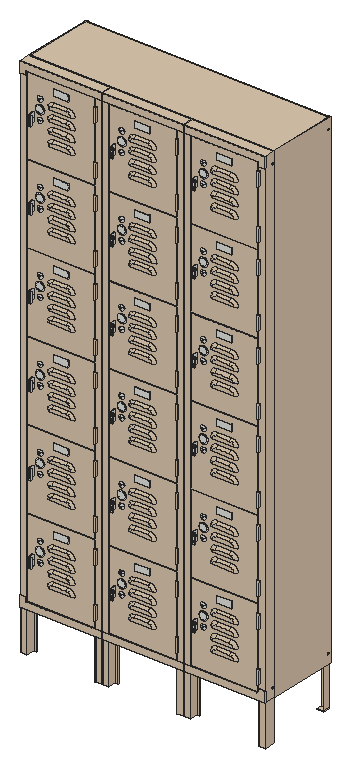
Revit family "Metal_Lockers-Salsbury_Industries-65000_66000_Series-3_Wide_Units", category Specialty Equipment, Revit 2022 (continued)
Nested families (in)
  nested 36: "Metal Locker Doors-12 inch with Latch Hasps" at (-0.01383, -5.555, 53.72076), type <- "Door Location D1", type "Six Tier Door - 6 foot"
  nested 37: "Metal Locker Doors-12 inch with Latch Hasps" at (-12.02717, -5.555, 53.72076), type <- "Door Location D1", type "Six Tier Door - 6 foot"
  nested 38: "Metal Locker Doors-12 inch with Latch Hasps" at (11.99976, -5.555, 65.37776), type <- "Door Location D1", visible <- "Top Row of Doors", type "Six Tier Door - 6 foot"
  nested 39: "Metal Locker Doors-12 inch with Latch Hasps" at (-0.01383, -5.555, 65.37776), type <- "Door Location D1", visible <- "Top Row of Doors", type "Six Tier Door - 6 foot"
  nested 40: "Metal Locker Doors-12 inch with Latch Hasps" at (-12.02717, -5.555, 65.37776), type <- "Door Location D1", visible <- "Top Row of Doors", type "Six Tier Door - 6 foot"
Definition of nested family "Metal Locker Legs - 3 Wide"
  Parameters (values of type "6" High - 45"W x 18"D")
    Width = 45.040"
    Visible = yes
    Version = "1.0 (11/30/15)"
    Type Comments = "Standard Metal Locker Legs"
    Primary Structure Material = none
    Model = "n/a"
    MasterFormat Title = ""
    MasterFormat Number = ""
    Manufacturer = "Salsbury Industries"
    Description = "45\"W x 6\" H x 18\"D"
    Depth = 18.010"
    Height = 6.000"
    Default Elevation = 0.000"
    Assembly Code = ""
  Types (6): name | Width | Visible | Type Comments | Description | Depth
    6" High - 36" W x 12" D | 36.040" | yes | "Standard Metal Locker Legs" | "36\"W x 6\" H x 12\"D" | 12.010"
    6" High - 36" W x 15" D | 36.040" | yes | "Standard Metal Locker Legs" | "36\"W x 6\" H x 15\"D" | 15.010"
    6" High - 36"W x 18"D | 36.040" | yes | "Standard Metal Locker Legs" | "36\"W x 6\" H x 18\"D" | 18.010"
    6" High - 45"W x 15"D | 45.040" | yes | "Standard Metal Locker Legs" | "45\"W x 6\" H x 15\"D" | 15.010"
    6" High - 45"W x 18"D | 45.040" | yes | "Standard Metal Locker Legs" | "45\"W x 6\" H x 18\"D" | 18.010"
    No Legs | 36.040" | no | "No Legs" | "" | 12.010"
  Reference planes (in)
    plane 1 "Center (Front/Back)": y = 0
    plane 2: z = 0
    plane 3 "Center (Left/Right)": x = 0
    plane 4 "Floor": z = 0
    plane 5 "Bottom of Unit": z = 6
    plane 6 "Left Side of Unit": x = -22.52
    plane 7 "Right Side of Unit": x = 22.52
    plane 8 "Back of Unit": y = 9.005
    plane 9 "Front of Unit": y = -9.005
    plane 10 "Right Side of Door Opening": x = 21.52
    plane 11 "Left Side of Door Opening": x = -21.52
    plane 12 "Top of back legs": z = 6.185
    plane 13 "Back Edge of Front Facing": y = -7.417
    plane 14 "Inside Edge of Front Leg": x = -21.08
    plane 15 "Inside Edge of Right Leg": x = 21.08
    plane 16: y = -7.82
    plane 17 "Back Edge of Rear Legs": y = 8.895
    plane 18 "Right Edge of Rear Right Leg": x = 22.4
    plane 19 "Left Edge or Rear Left Leg": x = -22.4
    plane 20: y = 7.895
    plane 21 "Inside Edge or Rear Right Leg": x = 21.4
    plane 22 "Inside Edge or Left Rear Leg": x = -21.4
    plane 23: x = 7.50667
    plane 24: x = -7.50667
  Forms (in)
    Extrusion 1, solid, material <- "Primary Structure Material", visible <- "Visible"
      sketch origin (0, 0, 0) x (0, -1, 0) y (1, 0, 0)
        loop
          line (7.417, 22.52) -> (7.417, 22.46) -> (8.945, 22.46) -> (8.945, 21.58) -> (7.76, 21.58) -> (7.76, 21.08) -> (7.82, 21.08) -> (7.82, 21.52) -> (9.005, 21.52) -> (9.005, 22.52) -> (7.417, 22.52)
      from 0 to 6
    Extrusion 2, solid, material <- "Primary Structure Material", visible <- "Visible"
      sketch origin (0, 0, 0) x (0, -1, 0) y (1, 0, 0)
        loop
          line (7.417, -22.52) -> (9.005, -22.52) -> (9.005, -21.52) -> (7.82, -21.52) -> (7.82, -21.08) -> (7.76, -21.08) -> (7.76, -21.58) -> (8.945, -21.58) -> (8.945, -22.46) -> (7.417, -22.46) -> (7.417, -22.52)
      from 0 to 6
    Extrusion 3, solid, material <- "Primary Structure Material", visible <- "Visible"
      sketch origin (0, 0, 0) x (0, -1, 0) y (1, 0, 0)
        loop
          line (-8.895, 22.4) -> (-8.895, 21.4) -> (-8.835, 21.4) -> (-8.835, 22.34) -> (-7.895, 22.34) -> (-7.895, 22.4) -> (-8.895, 22.4)
      from 0.06 to 6.185
    Extrusion 4, solid, material <- "Primary Structure Material", visible <- "Visible"
      sketch origin (0, 0, 0) x (0, -1, 0) y (1, 0, 0)
        loop
          line (-8.895, 22.4) -> (-8.895, 21.4) -> (-7.895, 21.4) -> (-7.895, 22.4) -> (-8.895, 22.4)
      from 0 to 0.06
    Extrusion 5, solid, material <- "Primary Structure Material", visible <- "Visible"
      sketch origin (0, 0, 0) x (0, -1, 0) y (1, 0, 0)
        loop
          line (-8.895, -22.4) -> (-7.895, -22.4) -> (-7.895, -22.34) -> (-8.835, -22.34) -> (-8.835, -21.4) -> (-8.895, -21.4) -> (-8.895, -22.4)
      from 0.06 to 6.185
    Extrusion 6, solid, material <- "Primary Structure Material", visible <- "Visible"
      sketch origin (0, 0, 0) x (0, -1, 0) y (1, 0, 0)
        loop
          line (-8.895, -22.4) -> (-7.895, -22.4) -> (-7.895, -21.4) -> (-8.895, -21.4) -> (-8.895, -22.4)
      from 0 to 0.06
    Extrusion 7, solid, material <- "Primary Structure Material", visible <- "Visible"
      sketch origin (12, 0, 0) x (0, -1, 0) y (1, 0, 0)
        loop
          line (7.417, -19.50667) -> (9.005, -19.50667) -> (9.005, -18.50667) -> (7.82, -18.50667) -> (7.82, -18.06667) -> (7.76, -18.06667) -> (7.76, -18.56667) -> (8.945, -18.56667) -> (8.945, -19.44667) -> (7.417, -19.44667) -> (7.417, -19.50667)
      from 0 to 6
    Extrusion 8, solid, material <- "Primary Structure Material", visible <- "Visible"
      sketch origin (24.04, 0, 0) x (0, -1, 0) y (1, 0, 0)
        loop
          line (7.417, -16.53333) -> (9.005, -16.53333) -> (9.005, -15.53333) -> (7.82, -15.53333) -> (7.82, -15.09333) -> (7.76, -15.09333) -> (7.76, -15.59333) -> (8.945, -15.59333) -> (8.945, -16.47333) -> (7.417, -16.47333) -> (7.417, -16.53333)
      from 0 to 6
    Extrusion 9, solid, material <- "Primary Structure Material", visible <- "Visible"
      sketch origin (-12, 0, 0) x (0, -1, 0) y (1, 0, 0)
        loop
          line (7.417, 19.50667) -> (7.417, 19.44667) -> (8.945, 19.44667) -> (8.945, 18.56667) -> (7.76, 18.56667) -> (7.76, 18.06667) -> (7.82, 18.06667) -> (7.82, 18.50667) -> (9.005, 18.50667) -> (9.005, 19.50667) -> (7.417, 19.50667)
      from 0 to 6
    Extrusion 10, solid, material <- "Primary Structure Material", visible <- "Visible"
      sketch origin (-24.04, 0, 0) x (0, -1, 0) y (1, 0, 0)
        loop
          line (7.417, 16.53333) -> (7.417, 16.47333) -> (8.945, 16.47333) -> (8.945, 15.59333) -> (7.76, 15.59333) -> (7.76, 15.09333) -> (7.82, 15.09333) -> (7.82, 15.53333) -> (9.005, 15.53333) -> (9.005, 16.53333) -> (7.417, 16.53333)
      from 0 to 6
  Dimensions and locks (in)
    equal spacing: plane 6 "Left Side of Unit", plane 3 "Center (Left/Right)", plane 7 "Right Side of Unit"
    "Width": plane 6 "Left Side of Unit" to plane 7 "Right Side of Unit"
    "Height": plane 5 "Bottom of Unit" to plane 4 "Floor"
    equal spacing: plane 9 "Front of Unit", plane 1 "Center (Front/Back)", plane 8 "Back of Unit"
    "Depth": plane 9 "Front of Unit" to plane 8 "Back of Unit"
    plane 12 "Top of back legs" to plane 5 "Bottom of Unit" = 0.185"
    plane 6 "Left Side of Unit" to plane 11 "Left Side of Door Opening" = 1.000"
    plane 10 "Right Side of Door Opening" to plane 7 "Right Side of Unit" = 1.000"
    locked: plane 9 "Front of Unit" to plane 13 "Back Edge of Front Facing" at 1.588
    plane 11 "Left Side of Door Opening" to plane 14 "Inside Edge of Front Leg" = 0.440"
    plane 15 "Inside Edge of Right Leg" to plane 10 "Right Side of Door Opening" = 0.440"
    plane 9 "Front of Unit" to plane 16 = 1.185"
    plane 15 "Inside Edge of Right Leg" to plane 21 "Inside Edge or Rear Right Leg" to plane 10 "Right Side of Door Opening" to plane 18 "Right Edge of Rear Right Leg" to plane 7 "Right Side of Unit" = 0.320", 0.120", 0.880", 0.120"
    plane 6 "Left Side of Unit" to plane 19 "Left Edge or Rear Left Leg" to plane 11 "Left Side of Door Opening" to plane 22 "Inside Edge or Left Rear Leg" to plane 14 "Inside Edge of Front Leg" = 0.120", 0.880", 0.120", 0.320"
    plane 20 to plane 17 "Back Edge of Rear Legs" to plane 8 "Back of Unit" = 1.000", 0.110"
    equal spacing: plane 6 "Left Side of Unit", plane 24, plane 23, plane 7 "Right Side of Unit"
    aligned and locked: level to plane 2
    aligned and locked: Extrusion 3 to Extrusion 4
    aligned and locked: Extrusion 6 to Extrusion 5
    aligned and locked: Extrusion 3 to plane 18 "Right Edge of Rear Right Leg"
    aligned and locked: Extrusion 3 to plane 17 "Back Edge of Rear Legs"
    aligned and locked: Extrusion 5 to plane 19 "Left Edge or Rear Left Leg"
    aligned and locked: plane 17 "Back Edge of Rear Legs" to Extrusion 5
    aligned and locked: plane 5 "Bottom of Unit" to Extrusion 2
    aligned and locked: Extrusion 1 to plane 5 "Bottom of Unit"
    aligned and locked: Extrusion 3 to plane 12 "Top of back legs"
    aligned and locked: plane 12 "Top of back legs" to Extrusion 5
  Automatic sketch dimensions
    plane 13 "Back Edge of Front Facing" to Extrusion 1 sketch curve = 0.000"
    Extrusion 1 sketch curve to plane 15 "Inside Edge of Right Leg" = 0.000"
    plane 16 to Extrusion 1 sketch curve = 0.000"
    Extrusion 1 sketch curve to plane 7 "Right Side of Unit" = 0.000"
    plane 9 "Front of Unit" to Extrusion 1 sketch curve = 0.000"
    Extrusion 1 sketch curve to plane 10 "Right Side of Door Opening" = 0.000"
    Extrusion 1 sketch curve to plane 16 = 0.060"
    Extrusion 1 sketch curve to plane 9 "Front of Unit" = 0.060"
    Extrusion 1 sketch curve to plane 10 "Right Side of Door Opening" = 0.060"
    plane 7 "Right Side of Unit" to Extrusion 1 sketch curve = 0.060"
    Extrusion 2 sketch curve to plane 13 "Back Edge of Front Facing" = 0.000"
    Extrusion 2 sketch curve to plane 14 "Inside Edge of Front Leg" = 0.000"
    Extrusion 2 sketch curve to plane 16 = 0.000"
    Extrusion 2 sketch curve to plane 6 "Left Side of Unit" = 0.000"
    Extrusion 2 sketch curve to plane 9 "Front of Unit" = 0.000"
    Extrusion 2 sketch curve to plane 11 "Left Side of Door Opening" = 0.000"
    plane 16 to Extrusion 2 sketch curve = 0.060"
    plane 9 "Front of Unit" to Extrusion 2 sketch curve = 0.060"
    Extrusion 2 sketch curve to plane 11 "Left Side of Door Opening" = 0.060"
    plane 6 "Left Side of Unit" to Extrusion 2 sketch curve = 0.060"
    plane 17 "Back Edge of Rear Legs" to Extrusion 3 sketch curve = 0.000"
    Extrusion 3 sketch curve to plane 21 "Inside Edge or Rear Right Leg" = 0.000"
    Extrusion 3 sketch curve to plane 18 "Right Edge of Rear Right Leg" = 0.000"
    plane 20 to Extrusion 3 sketch curve = 0.000"
    plane 17 "Back Edge of Rear Legs" to Extrusion 3 sketch curve = 0.060"
    plane 18 "Right Edge of Rear Right Leg" to Extrusion 3 sketch curve = 0.060"
    plane 17 "Back Edge of Rear Legs" to Extrusion 4 sketch curve = 0.000"
    Extrusion 4 sketch curve to plane 18 "Right Edge of Rear Right Leg" = 0.000"
    plane 20 to Extrusion 4 sketch curve = 0.000"
    Extrusion 4 sketch curve to plane 21 "Inside Edge or Rear Right Leg" = 0.000"
    Extrusion 5 sketch curve to plane 17 "Back Edge of Rear Legs" = 0.000"
    Extrusion 5 sketch curve to plane 22 "Inside Edge or Left Rear Leg" = 0.000"
    Extrusion 5 sketch curve to plane 19 "Left Edge or Rear Left Leg" = 0.000"
    Extrusion 5 sketch curve to plane 20 = 0.000"
    Extrusion 5 sketch curve to plane 17 "Back Edge of Rear Legs" = 0.060"
    Extrusion 5 sketch curve to plane 19 "Left Edge or Rear Left Leg" = 0.060"
    Extrusion 6 sketch curve to plane 17 "Back Edge of Rear Legs" = 0.000"
    Extrusion 6 sketch curve to plane 19 "Left Edge or Rear Left Leg" = 0.000"
    Extrusion 6 sketch curve to plane 20 = 0.000"
    Extrusion 6 sketch curve to plane 22 "Inside Edge or Left Rear Leg" = 0.000"
    plane 13 "Back Edge of Front Facing" to Extrusion 7 sketch curve = 0.000"
    plane 16 to Extrusion 7 sketch curve = 0.000"
    plane 9 "Front of Unit" to Extrusion 7 sketch curve = 0.000"
    Extrusion 7 sketch curve to plane 24 = 0.000"
    plane 16 to Extrusion 7 sketch curve = 0.060"
    plane 9 "Front of Unit" to Extrusion 7 sketch curve = 0.060"
    plane 24 to Extrusion 7 sketch curve = 0.060"
    plane 24 to Extrusion 7 sketch curve = 0.940"
    Extrusion 7 sketch curve to Extrusion 7 sketch curve = 0.060"
    Extrusion 7 sketch curve to Extrusion 7 sketch curve = 0.440"
    plane 13 "Back Edge of Front Facing" to Extrusion 8 sketch curve = 0.000"
    plane 16 to Extrusion 8 sketch curve = 0.000"
    plane 9 "Front of Unit" to Extrusion 8 sketch curve = 0.000"
    Extrusion 8 sketch curve to plane 23 = 0.000"
    plane 16 to Extrusion 8 sketch curve = 0.060"
    plane 9 "Front of Unit" to Extrusion 8 sketch curve = 0.060"
    plane 23 to Extrusion 8 sketch curve = 0.060"
    plane 23 to Extrusion 8 sketch curve = 0.940"
    Extrusion 8 sketch curve to Extrusion 8 sketch curve = 0.060"
    Extrusion 8 sketch curve to Extrusion 8 sketch curve = 0.440"
    plane 13 "Back Edge of Front Facing" to Extrusion 9 sketch curve = 0.000"
    plane 16 to Extrusion 9 sketch curve = 0.000"
    plane 9 "Front of Unit" to Extrusion 9 sketch curve = 0.000"
    Extrusion 9 sketch curve to plane 23 = 0.000"
    Extrusion 9 sketch curve to plane 16 = 0.060"
    Extrusion 9 sketch curve to plane 9 "Front of Unit" = 0.060"
    plane 23 to Extrusion 9 sketch curve = 0.060"
    plane 23 to Extrusion 9 sketch curve = 0.940"
    Extrusion 9 sketch curve to Extrusion 9 sketch curve = 0.060"
    Extrusion 9 sketch curve to Extrusion 9 sketch curve = 0.440"
    plane 13 "Back Edge of Front Facing" to Extrusion 10 sketch curve = 0.000"
    plane 16 to Extrusion 10 sketch curve = 0.000"
    plane 9 "Front of Unit" to Extrusion 10 sketch curve = 0.000"
    Extrusion 10 sketch curve to plane 24 = 0.000"
    Extrusion 10 sketch curve to plane 16 = 0.060"
    Extrusion 10 sketch curve to plane 9 "Front of Unit" = 0.060"
    plane 24 to Extrusion 10 sketch curve = 0.060"
    plane 24 to Extrusion 10 sketch curve = 0.940"
    Extrusion 10 sketch curve to Extrusion 10 sketch curve = 0.060"
    Extrusion 10 sketch curve to Extrusion 10 sketch curve = 0.440"
Definition of nested family "Metal Locker Doors-12 inch with Latch Hasps"
  Parameters (values of type "Six Tier Door - 6 foot")
    Width = 9.901"
    Visible = yes
    Primary Structure Material = none
    Louver Set Vertical Alignment = 2.731"
    Number Plate Alignment = 0.9375"
    Louver Width = 4.000"
    Hinge 2 Placement = 8.449"
    Hinge 1 Placement = 1.125"
    Height = 11.532"
    Hasp Plate Rivet Material = none
    Hasp Height = 1.438"
    Depth = 0.900"
    Default Elevation = 0.000"
  Types (4): name | Louver Set Vertical Alignment | Hinge 2 Placement | Height
    Four Tier Door - 6 foot | 5.710" | 14.142" | 17.360"
    Four Tier Door - 5 foot | 4.240" | 11.142" | 14.360"
    Five Tier Door - 5 foot | 2.826" | 8.188" | 11.463"
    Six Tier Door - 6 foot | 2.731" | 8.449" | 11.532"
  Reference planes (in)
    plane 1 "Center (Front/Back)": y = 0
    plane 2 "Bottom of Door": z = 0
    plane 3 "Center (Left/Right)": x = 0
    plane 4 "Center (Top/Bottom)": z = 5.766
    plane 5 "Top of Door": z = 11.532
    plane 6 "Right Side of Door": x = 4.9505
    plane 7 "Left Side of Door": x = -4.9505
    plane 8 "Front of Door": y = -0.45
    plane 9 "Back of Door": y = 0.45
    plane 10 "Top of Number Plate": z = 10.5945
    plane 11 "Top of Top Vent 1": z = 8.801
    plane 12 "Top of Top Vent 2": z = 7.176
    plane 13 "Top of Top Vent 3": z = 5.551
    plane 14 "Top of Top Vent 4": z = 3.926
    plane 15 "Top of Hasp Alignment": z = 6.485
    plane 16 "Bottom of Hasp Alignment": z = 5.047
    plane 17 "Left Side of Louvers": x = -2
    plane 18 "Right Side of Louvers": x = 2
    plane 19 "Front of Louvers": y = -0.6375
    plane 20: x = -1.094
    plane 21: x = 1.094
    plane 22: z = 9.5945
    plane 23 "Center Hasp": x = -1.7755
    plane 24 "Top of Hinge 2": z = 3.083
    plane 25 "Top of Hinge 1": z = 10.407
    plane 26 "Left Hasp Hole Align": x = -4.263
    plane 27 "Right Hasp Hole Align": x = -4.013
    plane 28 "Center Hasp Stud Align": z = 7.18441
    plane 29 "Top Hasp Stud Align": z = 8.60282
    plane 30 "Vertical Hasp Stud Align": x = -3.076
    plane 31: z = 7.801
    plane 32: z = 6.176
    plane 33: z = 4.551
    plane 34: z = 2.926
    plane 35 "Vertical Center Hasp Align": x = -4.13777
  Forms (in)
    Extrusion 1, solid, material <- "Primary Structure Material", visible <- "Visible"
      sketch origin (0, 0, 0) x (1, 0, 0) y (0, 0, 1)
        loop
          line (-4.9505, 11.532) -> (-4.9505, 0) -> (4.9505, 0) -> (4.9505, 11.532) -> (-4.9505, 11.532)
      from -0.45 to 0.45
    Extrusion 2, solid, material <- "Hasp Plate Rivet Material", visible <- "Visible", detail levels medium+fine
      sketch origin (0, -0.45, 0) x (1, 0, 0) y (0, 0, 1)
        loop
          arc (-1.06847, 10.55895) -> (-1.10166, 10.09621) -> (-1.06847, 9.63347) r 3.2426
          arc (-1.06847, 9.63347) -> (0, 9.59472) -> (1.06847, 9.63347) r 14.75
          arc (1.06847, 9.63347) -> (1.10166, 10.09621) -> (1.06847, 10.55895) r 3.2426
          arc (1.06847, 10.55895) -> (0, 10.59799) -> (-1.06847, 10.55895) r 14.63753
      from 0 to 0.03497
    Extrusion 3, void
      sketch origin (-1.7755, -0.13281, 0.04687) x (0, 0, -1) y (0, -1, 0)
        loop
          circle (-5.44277, -0.16411) r 0.2
      from -0.163 to 0.163
    Extrusion 4, solid, material <- "Primary Structure Material", visible <- "Visible", detail levels medium+fine
      sketch origin (0, 0, 10.407) x (0, -1, 0) y (1, 0, 0)
        loop
          line (0.45, 4.9505) -> (0.575, 4.9505)
          arc (0.575, 4.9505) -> (0.7, 5.0755) -> (0.575, 5.2005) r 0.125
          line (0.575, 5.2005) -> (0.45, 5.2005) -> (0.45, 4.9505)
      from 0 to -2
    Extrusion 5, solid, material <- "Primary Structure Material", visible <- "Visible", detail levels medium+fine
      sketch origin (0, 0, 3.083) x (0, -1, 0) y (1, 0, 0)
        loop
          line (0.45, 4.9505) -> (0.575, 4.9505)
          arc (0.575, 4.9505) -> (0.7, 5.0755) -> (0.575, 5.2005) r 0.125
          line (0.575, 5.2005) -> (0.45, 5.2005) -> (0.45, 4.9505)
      from 0 to -2
    Extrusion 6, void
      sketch origin (0, -0.45, 0) x (1, 0, 0) y (0, 0, 1)
        loop
          line (-4.263, 6.485) -> (-4.263, 5.047) -> (-4.013, 5.047) -> (-4.013, 6.485) -> (-4.263, 6.485)
      from -0.9 to 0
    Blend 7, solid, material <- "Primary Structure Material", visible <- "Visible"
      base sketch origin (0.875, -0.45, 0.208) x (1, 0, 0) y (0, 0, 1)
        loop
          line (-2.875, 7.593) -> (1.125, 7.593)
          arc (1.125, 7.593) -> (0.83211, 8.30011) -> (0.125, 8.593) r 1
          line (0.125, 8.593) -> (-1.875, 8.593)
          arc (-1.875, 8.593) -> (-2.58211, 8.30011) -> (-2.875, 7.593) r 1
      top sketch origin (0.875, -0.6375, 0.208) x (1, 0, 0) y (0, 0, 1)
        loop
          line (-2.44242, 7.593) -> (0.69242, 7.593)
          arc (0.69242, 7.593) -> (0.52766, 7.99075) -> (0.12992, 8.1555) r 0.5625
          line (0.12992, 8.1555) -> (-1.87992, 8.1555)
          arc (-1.87992, 8.1555) -> (-2.27766, 7.99075) -> (-2.44242, 7.593) r 0.5625
      from 0 to 0
    Blend 8, solid, material <- "Primary Structure Material", visible <- "Visible"
      base sketch origin (0.875, -0.45, 1.652) x (1, 0, 0) y (0, 0, 1)
        loop
          line (-2.875, 4.524) -> (1.125, 4.524)
          arc (1.125, 4.524) -> (0.83211, 5.23111) -> (0.125, 5.524) r 1
          line (0.125, 5.524) -> (-1.875, 5.524)
          arc (-1.875, 5.524) -> (-2.58211, 5.23111) -> (-2.875, 4.524) r 1
      top sketch origin (0.875, -0.6375, 1.652) x (1, 0, 0) y (0, 0, 1)
        loop
          line (-2.43346, 4.524) -> (0.68346, 4.524)
          arc (0.68346, 4.524) -> (0.52224, 4.91321) -> (0.13303, 5.07443) r 0.55043
          line (0.13303, 5.07443) -> (-1.88303, 5.07443)
          arc (-1.88303, 5.07443) -> (-2.27224, 4.91321) -> (-2.43346, 4.524) r 0.55043
      from 0 to 0
    Blend 9, solid, material <- "Primary Structure Material", visible <- "Visible"
      base sketch origin (0.875, -0.45, -3.042) x (1, 0, 0) y (0, 0, 1)
        loop
          line (-2.875, 7.593) -> (1.125, 7.593)
          arc (1.125, 7.593) -> (0.83211, 8.30011) -> (0.125, 8.593) r 1
          line (0.125, 8.593) -> (-1.875, 8.593)
          arc (-1.875, 8.593) -> (-2.58211, 8.30011) -> (-2.875, 7.593) r 1
      top sketch origin (0.875, -0.6375, -3.042) x (1, 0, 0) y (0, 0, 1)
        loop
          line (-2.44242, 7.593) -> (0.58842, 7.593)
          arc (0.58842, 7.593) -> (0.45412, 7.91721) -> (0.12992, 8.0515) r 0.4585
          line (0.12992, 8.0515) -> (-1.98392, 8.0515)
          arc (-1.98392, 8.0515) -> (-2.30812, 7.91721) -> (-2.44242, 7.593) r 0.4585
      from 0 to 0
    Blend 10, solid, material <- "Primary Structure Material", visible <- "Visible"
      base sketch origin (0.875, -0.45, -1.598) x (1, 0, 0) y (0, 0, 1)
        loop
          line (-2.875, 4.524) -> (1.125, 4.524)
          arc (1.125, 4.524) -> (0.83211, 5.23111) -> (0.125, 5.524) r 1
          line (0.125, 5.524) -> (-1.875, 5.524)
          arc (-1.875, 5.524) -> (-2.58211, 5.23111) -> (-2.875, 4.524) r 1
      top sketch origin (0.875, -0.6375, -1.598) x (1, 0, 0) y (0, 0, 1)
        loop
          line (-2.43234, 4.524) -> (0.68234, 4.524)
          arc (0.68234, 4.524) -> (0.52129, 4.9128) -> (0.13249, 5.07385) r 0.54985
          line (0.13249, 5.07385) -> (-1.88249, 5.07385)
          arc (-1.88249, 5.07385) -> (-2.27129, 4.9128) -> (-2.43234, 4.524) r 0.54985
      from 0 to 0
    Blend 11, solid, material <- "Hasp Plate Rivet Material", visible <- "Visible", detail levels medium+fine
      base sketch origin (0, -0.45, 0) x (1, 0, 0) y (0, 0, 1)
        loop
          circle (-3.076, 5.766) r 0.375
      top sketch origin (0, -0.45, 0) x (1, 0, 0) y (0, 0, 1)
        loop
          circle (-3.076, 5.766) r 0.09706
      from 0 to 0.03497
    Blend 12, solid, material <- "Hasp Plate Rivet Material", visible <- "Visible", detail levels medium+fine
      base sketch origin (0, -0.45, 2.83682) x (1, 0, 0) y (0, 0, 1)
        loop
          circle (-3.076, 5.766) r 0.375
      top sketch origin (0, -0.45, 2.83682) x (1, 0, 0) y (0, 0, 1)
        loop
          circle (-3.076, 5.766) r 0.09706
      from 0 to 0.03497
    Blend 13, solid, material <- "Hasp Plate Rivet Material", visible <- "Visible", detail levels medium+fine
      base sketch origin (0, -0.45, -0.16841) x (1, 0, 0) y (0, 0, 1)
        loop
          circle (-3.076, 7.35282) r 0.625
      top sketch origin (0, -0.45, -0.16841) x (1, 0, 0) y (0, 0, 1)
        loop
          circle (-3.076, 7.35282) r 0.58088
      from 0 to 0.03497
    Extrusion 14, solid, material <- "Hasp Plate Rivet Material", visible <- "Visible"
      sketch origin (0, 0, 5.047) x (0, -1, 0) y (1, 0, 0)
        loop
          line (-0.45, -4.07527) -> (-0.45, -4.13777) -> (1.2, -4.13777)
          arc (1.2, -4.13777) -> (1.24419, -4.11946) -> (1.2625, -4.07527) r 0.0625
          line (1.2625, -4.07527) -> (1.2625, -3.76277) -> (1.20579, -3.76277) -> (1.20579, -4.0127)
          arc (1.20579, -4.0127) -> (1.18746, -4.05694) -> (1.14322, -4.07527) r 0.06257
          line (1.14322, -4.07527) -> (-0.45, -4.07527)
      from 0 to 1.438
    Extrusion 15, solid, material <- "Hasp Plate Rivet Material", visible <- "Visible"
      sketch origin (0, 0, 5.047) x (0, -1, 0) y (1, 0, 0)
        loop
          line (-0.45, -4.20027) -> (1.2625, -4.20027) -> (1.2625, -4.13777) -> (-0.45, -4.13777) -> (-0.45, -4.20027)
      from 0 to 1.438
    Extrusion 16, void
      sketch origin (-4.013, 0, 0) x (0, 0, -1) y (0, -1, 0)
        loop
          circle (-5.766, 0.82219) r 0.375
      from 0 to 0.25
  Cuts and joins
    Extrusion 3, Extrusion 6 cuts Extrusion 1
    Extrusion 16 cuts Extrusion 14
    Extrusion 16 cuts Extrusion 15
  Lines and regions (in)
    symbolic lines
      curve 1: arc (-2, -0.45, 7.801) -> (-1.70711, -0.45, 8.50811) -> (-1, -0.45, 8.801) r 1
      curve 2: arc (2, -0.45, 7.801) -> (1.70711, -0.45, 8.50811) -> (1, -0.45, 8.801) r 1
      curve 3: arc (2, -0.45, 6.176) -> (1.70711, -0.45, 6.88311) -> (1, -0.45, 7.176) r 1
      curve 4: arc (-2, -0.45, 6.176) -> (-1.70711, -0.45, 6.88311) -> (-1, -0.45, 7.176) r 1
      curve 5: arc (2, -0.45, 4.551) -> (1.70711, -0.45, 5.25811) -> (1, -0.45, 5.551) r 1
      curve 6: arc (-2, -0.45, 4.551) -> (-1.70711, -0.45, 5.25811) -> (-1, -0.45, 5.551) r 1
      curve 7: arc (-2, -0.45, 2.926) -> (-1.70711, -0.45, 3.63311) -> (-1, -0.45, 3.926) r 1
      curve 8: arc (2, -0.45, 2.926) -> (1.70711, -0.45, 3.63311) -> (1, -0.45, 3.926) r 1
      curve 9: line (-2, -0.45, 2.926) -> (2, -0.45, 2.926)
      curve 10: line (1, -0.45, 3.926) -> (-1, -0.45, 3.926)
      curve 11: line (-2, -0.45, 4.551) -> (2, -0.45, 4.551)
      curve 12: line (1, -0.45, 5.551) -> (-1, -0.45, 5.551)
      curve 13: line (1, -0.45, 7.176) -> (-1, -0.45, 7.176)
      curve 14: line (-2, -0.45, 6.176) -> (2, -0.45, 6.176)
      curve 15: line (2, -0.45, 7.801) -> (-2, -0.45, 7.801)
      curve 16: line (1, -0.45, 8.801) -> (-1, -0.45, 8.801)
      curve 17: circle (-3.076, -0.45, 7.18441) r 0.625 normal (0, -1, 0)
      curve 18: circle (-3.076, -0.45, 8.60282) r 0.375 normal (0, -1, 0)
      curve 19: circle (-3.076, -0.45, 5.766) r 0.375 normal (0, -1, 0)
      curve 20: line (-4.263, -0.45, 6.485) -> (-3.76277, -0.45, 6.485)
      curve 21: line (-4.263, -0.45, 5.047) -> (-4.263, -0.45, 6.485)
      curve 22: line (-3.76277, -0.45, 5.047) -> (-4.263, -0.45, 5.047)
      curve 23: line (-3.76277, -0.45, 6.485) -> (-3.76277, -0.45, 5.047)
      curve 24: line (-4.20027, -0.44719, 5.047) -> (-4.20027, -1.2625, 5.047)
      curve 25: line (-4.20027, -1.2625, 5.047) -> (-3.76277, -1.2625, 5.047)
      curve 26: line (-3.76277, -1.2625, 5.047) -> (-3.76277, -1.20579, 5.047)
      curve 27: line (-3.76277, -1.20579, 5.047) -> (-4.0127, -1.20579, 5.047)
      curve 28: arc (-4.0127, -1.20579, 5.047) -> (-4.05694, -1.18746, 5.047) -> (-4.07527, -1.14322, 5.047) r 0.06257
      curve 29: line (-4.07527, -1.14322, 5.047) -> (-4.07527, -0.44719, 5.047)
      curve 30: line (-1.56742, -0.6375, 5.047) -> (-2, -0.45, 5.047)
      curve 31: line (1.55734, -0.6375, 5.047) -> (2.0161, -0.43865, 5.047)
      curve 32: line (1.55734, -0.6375, 5.047) -> (-1.56742, -0.6375, 5.047)
  Dimensions and locks (in)
    equal spacing: plane 5 "Top of Door", plane 4 "Center (Top/Bottom)", plane 2 "Bottom of Door"
    "Height": plane 5 "Top of Door" to plane 2 "Bottom of Door"
    equal spacing: plane 8 "Front of Door", plane 1 "Center (Front/Back)", plane 9 "Back of Door"
    "Depth": plane 8 "Front of Door" to plane 9 "Back of Door"
    equal spacing: plane 7 "Left Side of Door", plane 3 "Center (Left/Right)", plane 6 "Right Side of Door"
    "Width": plane 7 "Left Side of Door" to plane 6 "Right Side of Door"
    "Number Plate Alignment": plane 5 "Top of Door" to plane 10 "Top of Number Plate" to plane 22
    equal spacing: plane 17 "Left Side of Louvers", plane 3 "Center (Left/Right)", plane 18 "Right Side of Louvers"
    "Louver Width": plane 17 "Left Side of Louvers" to plane 18 "Right Side of Louvers"
    "Louver Set Vertical Alignment": plane 5 "Top of Door" to plane 11 "Top of Top Vent 1"
    plane 11 "Top of Top Vent 1" to plane 12 "Top of Top Vent 2" to plane 13 "Top of Top Vent 3" to plane 14 "Top of Top Vent 4" = 1.625", 1.625", 1.625"
    plane 29 "Top Hasp Stud Align" to plane 28 "Center Hasp Stud Align" to plane 15 "Top of Hasp Alignment" to plane 4 "Center (Top/Bottom)" to plane 16 "Bottom of Hasp Alignment" = 1.41841", 0.69941", 0.719", 0.719"
    "Hasp Height": plane 15 "Top of Hasp Alignment" to plane 16 "Bottom of Hasp Alignment"
    locked: plane 19 "Front of Louvers" to plane 8 "Front of Door" at 0.1875
    plane 20 to plane 3 "Center (Left/Right)" to plane 21 = 1.094" locked, 1.094" locked
    "Hinge 1 Placement": plane 5 "Top of Door" to plane 25 "Top of Hinge 1"
    "Hinge 2 Placement": plane 5 "Top of Door" to plane 24 "Top of Hinge 2"
    plane 7 "Left Side of Door" to plane 26 "Left Hasp Hole Align" to plane 27 "Right Hasp Hole Align" to plane 30 "Vertical Hasp Stud Align" = 0.6875" locked, 0.250" locked, 0.937" locked
    plane 11 "Top of Top Vent 1" to plane 31 = 1.000"
    plane 12 "Top of Top Vent 2" to plane 32 = 1.000"
    plane 13 "Top of Top Vent 3" to plane 33 = 1.000"
    plane 14 "Top of Top Vent 4" to plane 34 = 1.000"
    aligned and locked: level to plane 2 "Bottom of Door"
    aligned and locked: plane 5 "Top of Door" to Extrusion 1 sketch curve
    aligned and locked: Extrusion 1 sketch curve to plane 7 "Left Side of Door"
    aligned and locked: plane 2 "Bottom of Door" to Extrusion 1 sketch curve
    aligned and locked: plane 6 "Right Side of Door" to Extrusion 1 sketch curve
    aligned and locked: plane 15 "Top of Hasp Alignment" to Extrusion 6 sketch curve
    aligned and locked: Extrusion 6 sketch curve to plane 26 "Left Hasp Hole Align"
    aligned and locked: Extrusion 6 sketch curve to plane 16 "Bottom of Hasp Alignment"
    aligned and locked: plane 27 "Right Hasp Hole Align" to Extrusion 6 sketch curve
    aligned and locked: plane 11 "Top of Top Vent 1" to Blend 7
    aligned and locked: plane 12 "Top of Top Vent 2" to Blend 8
    aligned and locked: plane 13 "Top of Top Vent 3" to Blend 9
    aligned and locked: plane 14 "Top of Top Vent 4" to Blend 10
    aligned and locked: plane 31 to Blend 7
    aligned and locked: Blend 7 sketch curve to plane 11 "Top of Top Vent 1"
    aligned and locked: plane 31 to Blend 7 sketch curve  (x2)
    aligned and locked: Blend 8 sketch curve to plane 12 "Top of Top Vent 2"
    aligned and locked: plane 32 to Blend 8 sketch curve  (x2)
    aligned and locked: Blend 9 sketch curve to plane 13 "Top of Top Vent 3"
    aligned and locked: plane 33 to Blend 9 sketch curve  (x2)
    aligned and locked: Blend 10 sketch curve to plane 14 "Top of Top Vent 4"
    aligned and locked: plane 34 to Blend 10 sketch curve  (x2)
    aligned and locked: plane 29 "Top Hasp Stud Align" to Blend 12 sketch curve  (x2)
    aligned and locked: plane 4 "Center (Top/Bottom)" to Blend 11 sketch curve  (x2)
    aligned and locked: plane 28 "Center Hasp Stud Align" to Blend 13 sketch curve  (x2)
    aligned and locked: plane 35 "Vertical Center Hasp Align" to Extrusion 15 sketch curve
    aligned and locked: plane 35 "Vertical Center Hasp Align" to Extrusion 14 sketch curve
    aligned and locked: plane 4 "Center (Top/Bottom)" to Extrusion 16 sketch curve
    aligned and locked: curve 1 to Blend 7  (x2)
    aligned and locked: Blend 7 to curve 2  (x2)
    aligned and locked: curve 3 to Blend 8
    aligned and locked: Blend 8 to curve 3
    aligned and locked: curve 4 to Blend 8
    aligned and locked: curve 5 to Blend 9
    aligned and locked: Blend 9 to curve 5
    aligned and locked: Blend 9 to curve 6
    aligned and locked: curve 6 to Blend 9
    aligned and locked: curve 7 to Blend 10
    aligned and locked: curve 8 to Blend 10
    aligned and locked: curve 9 to Blend 10
    aligned and locked: curve 10 to Blend 10
    aligned and locked: curve 14 to Blend 8
    aligned and locked: curve 20 to cut or joined group of Extrusion 1, Extrusion 3, Extrusion 6
    aligned and locked: curve 21 to cut or joined group of Extrusion 1, Extrusion 3, Extrusion 6
    aligned and locked: curve 22 to cut or joined group of Extrusion 14, Extrusion 16
    aligned and locked: curve 23 to cut or joined group of Extrusion 14, Extrusion 16
    aligned and locked: curve 24 to cut or joined group of Extrusion 15, Extrusion 16
    aligned and locked: curve 25 to cut or joined group of Extrusion 15, Extrusion 16
    aligned and locked: curve 26 to cut or joined group of Extrusion 14, Extrusion 16
    aligned and locked: curve 27 to cut or joined group of Extrusion 14, Extrusion 16
    aligned and locked: curve 28 to cut or joined group of Extrusion 14, Extrusion 16
  Automatic sketch dimensions
    Extrusion 2 sketch curve to plane 3 "Center (Left/Right)" = 0.000"  (x2)
    plane 17 "Left Side of Louvers" to Extrusion 2 sketch curve = 0.14094"
    Extrusion 2 sketch curve to plane 18 "Right Side of Louvers" = 0.14094"
    Extrusion 2 sketch curve to level = 4.03954"
    plane 25 "Top of Hinge 1" to Extrusion 2 sketch curve = 0.31079"  (x2)
    Extrusion 2 sketch curve to plane 5 "Top of Door" = 12.81272"
    Extrusion 2 sketch curve to plane 20 = 0.02553"  (x2)
    plane 21 to Extrusion 2 sketch curve = 0.02553"
    Extrusion 2 sketch curve to plane 22 = 0.03897"
    plane 13 "Top of Top Vent 3" to Extrusion 3 sketch curve = 0.06135"
    Extrusion 3 sketch curve to plane 1 "Center (Front/Back)" = 0.0313"
    Extrusion 4 sketch curve to plane 6 "Right Side of Door" = 0.000"
    plane 8 "Front of Door" to Extrusion 4 sketch curve = 0.000"
    Extrusion 4 sketch curve to plane 19 "Front of Louvers" = 0.0625"
    Extrusion 4 sketch curve to plane 6 "Right Side of Door" = 0.125"
    Extrusion 5 sketch curve to plane 6 "Right Side of Door" = 0.000"
    plane 8 "Front of Door" to Extrusion 5 sketch curve = 0.000"
    Extrusion 5 sketch curve to plane 19 "Front of Louvers" = 0.0625"
    Extrusion 5 sketch curve to plane 6 "Right Side of Door" = 0.125"
    plane 17 "Left Side of Louvers" to Blend 7 sketch curve = 0.000"
    plane 18 "Right Side of Louvers" to Blend 7 sketch curve = 0.000"
    Blend 7 sketch curve to plane 23 "Center Hasp" = 0.20808"
    Blend 7 sketch curve to plane 20 = 0.08908"
    plane 21 to Blend 7 sketch curve = 0.08908"
    plane 17 "Left Side of Louvers" to Blend 8 sketch curve = 0.000"
    plane 18 "Right Side of Louvers" to Blend 8 sketch curve = 0.000"
    Blend 8 sketch curve to plane 23 "Center Hasp" = 0.21704"
    Blend 8 sketch curve to plane 20 = 0.08597"
    plane 21 to Blend 8 sketch curve = 0.08597"
    plane 17 "Left Side of Louvers" to Blend 9 sketch curve = 0.000"
    plane 18 "Right Side of Louvers" to Blend 9 sketch curve = 0.000"
    Blend 9 sketch curve to plane 23 "Center Hasp" = 0.20808"
    plane 16 "Bottom of Hasp Alignment" to Blend 9 sketch curve = 0.0375"
    plane 21 to Blend 9 sketch curve = 0.08908"
    plane 17 "Left Side of Louvers" to Blend 10 sketch curve = 0.000"
    plane 18 "Right Side of Louvers" to Blend 10 sketch curve = 0.000"
    Blend 10 sketch curve to plane 23 "Center Hasp" = 0.21816"
    Blend 10 sketch curve to plane 20 = 0.08651"
    plane 21 to Blend 10 sketch curve = 0.08651"
    plane 30 "Vertical Hasp Stud Align" to Blend 11 sketch curve = 0.000"  (x2)
    plane 30 "Vertical Hasp Stud Align" to Blend 12 sketch curve = 0.000"  (x2)
    plane 30 "Vertical Hasp Stud Align" to Blend 13 sketch curve = 0.000"  (x2)
    Extrusion 14 sketch curve to plane 1 "Center (Front/Back)" = 0.450"
    plane 27 "Right Hasp Hole Align" to Extrusion 14 sketch curve = 0.06227"
    Extrusion 14 sketch curve to plane 27 "Right Hasp Hole Align" = 0.0003"
    plane 19 "Front of Louvers" to Extrusion 14 sketch curve = 0.50572"
    Extrusion 14 sketch curve to Extrusion 14 sketch curve = 0.05678"
    Extrusion 14 sketch curve to Extrusion 14 sketch curve = 0.24993"
    plane 9 "Back of Door" to Extrusion 15 sketch curve = 0.000"
    plane 19 "Front of Louvers" to Extrusion 15 sketch curve = 0.625"
    Extrusion 15 sketch curve to plane 26 "Left Hasp Hole Align" = 0.06273"
    Extrusion 14 sketch curve to Extrusion 14 sketch curve = 0.06257"
    plane 19 "Front of Louvers" to Extrusion 16 sketch curve = 0.18469"
    curve 19 to plane 4 "Center (Top/Bottom)" = 0.000"
    plane 30 "Vertical Hasp Stud Align" to curve 19 = 0.000"
    curve 17 to plane 28 "Center Hasp Stud Align" = 0.000"
    plane 30 "Vertical Hasp Stud Align" to curve 17 = 0.000"
    curve 18 to plane 29 "Top Hasp Stud Align" = 0.000"
    plane 30 "Vertical Hasp Stud Align" to curve 18 = 0.000"
    plane 17 "Left Side of Louvers" to curve 11 = 0.000"
    plane 17 "Left Side of Louvers" to curve 4 = 0.000"
    plane 17 "Left Side of Louvers" to curve 9 = 0.000"
    plane 17 "Left Side of Louvers" to curve 15 = 0.000"
    plane 18 "Right Side of Louvers" to curve 8 = 0.000"
    plane 18 "Right Side of Louvers" to curve 3 = 0.000"
    plane 18 "Right Side of Louvers" to curve 15 = 0.000"
    plane 18 "Right Side of Louvers" to curve 11 = 0.000"
    plane 8 "Front of Door" to curve 30 = 0.000"
    plane 19 "Front of Louvers" to curve 30 = 0.000"
    curve 30 to plane 17 "Left Side of Louvers" = 0.000"
    curve 29 to curve 27 = 0.06257"
    curve 24 to plane 8 "Front of Door" = 0.00281"
    curve 29 to plane 8 "Front of Door" = 0.00281"
    curve 31 to plane 8 "Front of Door" = 0.01135"
    curve 30 to plane 23 "Center Hasp" = 0.20808"
    plane 18 "Right Side of Louvers" to curve 32 = 0.44266"
    curve 31 to plane 18 "Right Side of Louvers" = 0.0161"
    radius of Extrusion 3 sketch curve = 0.200"
    radius of Blend 11 sketch curve = 0.375"
    radius of Blend 11 sketch curve = 0.09706"
    radius of Blend 12 sketch curve = 0.375"
    radius of Blend 12 sketch curve = 0.09706"
    radius of Blend 13 sketch curve = 0.625"
    radius of Blend 13 sketch curve = 0.58088"
    radius of Extrusion 16 sketch curve = 0.375"
    radius of curve 17 = 0.625"
    radius of curve 18 = 0.375"
    radius of curve 19 = 0.375"
Definition of nested family "Metal Locker Front Base"
  Parameters (values of type "77742 - for 12" W Lockers with Legs")
    Width = 10.040"
    Visible [instance] = yes
    Version = "1.0 (11/30/15)"
    Type Comments = "Front Base for Standard Metal Lockers"
    Primary Structure Material = none
    Model = "77742"
    MasterFormat Title = ""
    MasterFormat Number = ""
    Manufacturer = "Salsbury Industries"
    Description = "Front Base for 12\" Wide Lockers"
    Depth = 1.185"
    Height = 6.000"
    Default Elevation = 0.000"
    Assembly Code = ""
  Types (3): name | Width | Visible | Model | Description
    77742 - for 12" W Lockers with Legs | 10.040" | yes | "77742" | "Front Base for 12\" Wide Lockers"
    77745 - for 15" W Lockers with Legs | 13.040" | yes | "77745" | "Front Base for 15\" Wide Lockers"
    None | 10.040" | no | "77742" | "Front Base for 12\" Wide Lockers"
  Reference planes (in)
    plane 1 "Center (Front/Back)": y = -5.417
    plane 2: z = 0
    plane 3 "Center (Left/Right)": x = 0
    plane 4 "Floor": z = 0
    plane 5 "Top of Enclosure": z = 6
    plane 6 "Front of Enclosure": y = -6.005
    plane 7 "Right Side of Enclosure": x = 5.02
    plane 8 "Left Side of Enclosure": x = -5.02
    plane 9 "Back of Enclosure": y = -4.82
  Forms (in)
    Extrusion 1, solid, material <- "Primary Structure Material", visible <- "Visible"
      sketch origin (0, -6.005, 0) x (1, 0, 0) y (0, 0, 1)
        loop
          line (-5.02, 6) -> (-5.02, 0) -> (5.02, 0) -> (5.02, 6) -> (-5.02, 6)
      from -0.06 to 0
    Extrusion 2, solid, material <- "Primary Structure Material", visible <- "Visible"
      sketch origin (0, 0, 0) x (0, 1, 0) y (0, 0, 1)
        loop
          line (-5.945, 6) -> (-5.945, 5.94) -> (-4.82, 5.94) -> (-4.82, 6) -> (-5.945, 6)
      from -5.02 to 5.02
    Extrusion 3, solid, material <- "Primary Structure Material", visible <- "Visible"
      sketch origin (5.02, 0, 0) x (0, 0, -1) y (0, -1, 0)
        loop
          line (-5.75, 5.945) -> (-5.75, 4.82) -> (-0.25, 4.82) -> (-0.25, 5.945) -> (-5.75, 5.945)
      from 0 to 0.06
    Extrusion 4, solid, material <- "Primary Structure Material", visible <- "Visible"
      sketch origin (-5.02, 0, 0) x (0, 0, -1) y (0, -1, 0)
        loop
          line (-5.75, 5.945) -> (-5.75, 4.82) -> (-0.25, 4.82) -> (-0.25, 5.945) -> (-5.75, 5.945)
      from 0 to -0.06
  Dimensions and locks (in)
    "Height": plane 5 "Top of Enclosure" to plane 4 "Floor"
    plane 6 "Front of Enclosure" to plane 1 "Center (Front/Back)" = 0.588"
    "Depth": plane 6 "Front of Enclosure" to plane 9 "Back of Enclosure"
    equal spacing: plane 8 "Left Side of Enclosure", plane 3 "Center (Left/Right)", plane 7 "Right Side of Enclosure"
    "Width": plane 8 "Left Side of Enclosure" to plane 7 "Right Side of Enclosure"
    aligned and locked: level to plane 2
    aligned and locked: plane 8 "Left Side of Enclosure" to Extrusion 2
    aligned and locked: Extrusion 2 to plane 7 "Right Side of Enclosure"
    aligned and locked: Extrusion 1 to plane 7 "Right Side of Enclosure"
  Automatic sketch dimensions
    Extrusion 1 sketch curve to Extrusion 1 sketch curve = 10.040"
    Extrusion 1 sketch curve to Extrusion 1 sketch curve = 6.000"
    Extrusion 2 sketch curve to Extrusion 2 sketch curve = 1.125"
    Extrusion 2 sketch curve to Extrusion 2 sketch curve = 0.060"
    Extrusion 3 sketch curve to Extrusion 3 sketch curve = 5.500"
    Extrusion 3 sketch curve to Extrusion 3 sketch curve = 1.125"
    Extrusion 4 sketch curve to Extrusion 4 sketch curve = 5.500"
    Extrusion 4 sketch curve to Extrusion 4 sketch curve = 1.125"
    Extrusion 1 sketch curve to level = 0.000"
    plane 8 "Left Side of Enclosure" to Extrusion 1 sketch curve = 0.000"
    plane 5 "Top of Enclosure" to Extrusion 2 sketch curve = 0.000"
    Extrusion 2 sketch curve to plane 9 "Back of Enclosure" = 0.000"
    Extrusion 3 sketch curve to plane 9 "Back of Enclosure" = 0.000"
    plane 5 "Top of Enclosure" to Extrusion 3 sketch curve = 0.250"
    Extrusion 4 sketch curve to plane 9 "Back of Enclosure" = 0.000"
    plane 5 "Top of Enclosure" to Extrusion 4 sketch curve = 0.250"
Definition of nested family "Metal Locker Right Side Base"
  Parameters (values of type "77732 Right - for 12" D Lockers with Legs")
    Width including Rivet [instance] = 1.290"
    Visible = yes
    Primary Structure Material = none
    Depth = 10.422"
    Version = "1.0 (11/30/15)"
    Type Comments = "End Base for Standard Metal Lockers"
    Model = "77732"
    MasterFormat Title = ""
    MasterFormat Number = ""
    Manufacturer = "Salsbury Industries"
    Description = "1.25\"W x 6\" H x 10\"D"
    Width = 1.250"
    Height = 6.000"
    Default Elevation = 0.000"
    Assembly Code = ""
  Types (4): name | Visible | Depth | Model | Description
    77732 Right - for 12" D Lockers with Legs | yes | 10.422" | "77732" | "1.25\"W x 6\" H x 10\"D"
    77735 Right - for 15" D Lockers with Legs | yes | 13.422" | "77735" | "1.25\"W x 6\" H x 13\"D"
    77738 Right - for 18" D Lockers with Legs | yes | 16.422" | "77738" | "1.25\"W x 6\" H x 16\"D"
    None | no | 10.422" | "" | ""
  Reference planes (in)
    plane 1 "Center (Front/Back)": y = 0
    plane 2: z = 0
    plane 3 "Center (Left/Right)": x = 5.395
    plane 4 "Floor": z = 0
    plane 5 "Top of Enclosure": z = 6
    plane 6 "Left Side of Unit": x = 4.77
    plane 7 "Right Side of Unit": x = 6.02
    plane 8 "Left Edge of Enclosure": y = -5.211
    plane 9 "Right Edge of Enclosure": y = 5.211
    plane 10 "Left Edge of Insert": y = -6.27647
    plane 11 "Right Edge of Insert": y = -5.15147
    plane 12 "Rivet Edge": x = 6.06
  Forms (in)
    Extrusion 1, solid, material <- "Primary Structure Material", visible <- "Visible"
      sketch origin (6.02, 0, 0) x (0, 0, -1) y (0, -1, 0)
        loop
          line (-6, 5.211) -> (-6, -5.211) -> (0, -5.211) -> (0, 5.211) -> (-6, 5.211)
      from 0 to 0.06
    Extrusion 2, solid, material <- "Primary Structure Material", visible <- "Visible"
      sketch origin (0, 0, 6) x (0, -1, 0) y (1, 0, 0)
        loop
          line (5.15147, 5.96) -> (5.15147, 5.9) -> (6.27647, 5.9) -> (6.27647, 5.96) -> (5.15147, 5.96)
      from -6 to 0
    Extrusion 3, solid, material <- "Primary Structure Material", visible <- "Visible"
      sketch origin (6.02, 0, 0) x (0, 0, -1) y (0, -1, 0)
        loop
          line (-6, 4.90147) -> (-6, -3.961) -> (-5.94, -3.961) -> (-5.94, 4.90147) -> (-6, 4.90147)
      from 0.06 to 1.25
    Extrusion 4, solid, material <- "Primary Structure Material", visible <- "Visible"
      sketch origin (6.02, 0, -5.94) x (0, 0, -1) y (0, -1, 0)
        loop
          line (-6, 4.90147) -> (-6, -3.961) -> (-5.94, -3.961) -> (-5.94, 4.90147) -> (-6, 4.90147)
      from 0.06 to 1.25
  Dimensions and locks (in)
    "Height": plane 5 "Top of Enclosure" to plane 4 "Floor"
    plane 10 "Left Edge of Insert" to plane 8 "Left Edge of Enclosure" to plane 11 "Right Edge of Insert" = 1.06547" locked, 0.05953" locked
    equal spacing: plane 8 "Left Edge of Enclosure", plane 1 "Center (Front/Back)", plane 9 "Right Edge of Enclosure"
    "Depth": plane 8 "Left Edge of Enclosure" to plane 9 "Right Edge of Enclosure"
    equal spacing: plane 6 "Left Side of Unit", plane 3 "Center (Left/Right)", plane 7 "Right Side of Unit"
    "Width": plane 6 "Left Side of Unit" to plane 7 "Right Side of Unit"
    locked: plane 7 "Right Side of Unit" to plane 12 "Rivet Edge" at 0.04
    "Width including Rivet": plane 6 "Left Side of Unit" to plane 12 "Rivet Edge"
    aligned and locked: level to plane 2
    aligned and locked: plane 11 "Right Edge of Insert" to Extrusion 2
    aligned and locked: plane 10 "Left Edge of Insert" to Extrusion 2
    aligned and locked: Extrusion 3 to Extrusion 1
    aligned and locked: plane 6 "Left Side of Unit" to Extrusion 3
  Automatic sketch dimensions
    plane 5 "Top of Enclosure" to Extrusion 1 sketch curve = 0.000"
    Extrusion 1 sketch curve to level = 0.000"
    Extrusion 2 sketch curve to plane 8 "Left Edge of Enclosure" = 0.05953"
    plane 7 "Right Side of Unit" to Extrusion 2 sketch curve = 0.120"
    Extrusion 2 sketch curve to Extrusion 2 sketch curve = 0.060"
    Extrusion 1 sketch curve to plane 8 "Left Edge of Enclosure" = 0.000"
    Extrusion 1 sketch curve to plane 9 "Right Edge of Enclosure" = 0.000"
    plane 10 "Left Edge of Insert" to Extrusion 2 sketch curve = 0.000"
    plane 5 "Top of Enclosure" to Extrusion 3 sketch curve = 0.000"
    Extrusion 3 sketch curve to Extrusion 3 sketch curve = 0.060"
    plane 9 "Right Edge of Enclosure" to Extrusion 3 sketch curve = 1.250"
    Extrusion 3 sketch curve to plane 11 "Right Edge of Insert" = 0.250"
    Extrusion 4 sketch curve to level = 0.000"
    level to Extrusion 4 sketch curve = 0.060"
    plane 9 "Right Edge of Enclosure" to Extrusion 4 sketch curve = 1.250"
    Extrusion 4 sketch curve to plane 11 "Right Edge of Insert" = 0.250"
Definition of nested family "Metal Locker Left Side Base"
  Parameters (values of type "77732 Left - for 12" D Lockers with Legs")
    Width including Rivet [instance] = 1.290"
    Visible = yes
    Primary Structure Material = none
    Depth = 10.422"
    Version = "1.0 (11/30/15)"
    Type Comments = "End Base for Standard Metal Lockers"
    Model = "77732"
    MasterFormat Title = ""
    MasterFormat Number = ""
    Manufacturer = "Salsbury Industries"
    Description = "1.25\"W x 6\" H x 10\"D"
    Width = 1.250"
    Height = 6.000"
    Default Elevation = 0.000"
    Assembly Code = ""
  Types (4): name | Visible | Depth | Model | Description
    77732 Left - for 12" D Lockers with Legs | yes | 10.422" | "77732" | "1.25\"W x 6\" H x 10\"D"
    77735 Left - for 15" D Lockers with Legs | yes | 13.422" | "77735" | "1.25\"W x 6\" H x 13\"D"
    77738 Left - for 18" D Lockers with Legs | yes | 16.422" | "77738" | "1.25\"W x 6\" H x 16\"D"
    None | no | 10.422" | "" | ""
  Reference planes (in)
    plane 1 "Center (Front/Back)": y = 0
    plane 2: z = 0
    plane 3 "Center (Left/Right)": x = 5.395
    plane 4 "Floor": z = 0
    plane 5 "Top of Enclosure": z = 6
    plane 6 "Left Side of Unit": x = 4.77
    plane 7 "Right Side of Unit": x = 6.02
    plane 8 "Left Edge of Enclosure": y = -5.211
    plane 9 "Right Edge of Enclosure": y = 5.211
    plane 10 "Left Edge of Insert": y = -6.27647
    plane 11 "Right Edge of Insert": y = -5.15147
    plane 12 "Edge of Rivet": x = 4.73
  Forms (in)
    Extrusion 1, solid, material <- "Primary Structure Material", visible <- "Visible"
      sketch origin (6.02, 0, 0) x (0, 0, -1) y (0, -1, 0)
        loop
          line (-6, 4.90147) -> (-6, -3.961) -> (-5.94, -3.961) -> (-5.94, 4.90147) -> (-6, 4.90147)
      from 0 to 1.19
    Extrusion 2, solid, material <- "Primary Structure Material", visible <- "Visible"
      sketch origin (6.02, 0, -5.94) x (0, 0, -1) y (0, -1, 0)
        loop
          line (-6, 4.90147) -> (-6, -3.961) -> (-5.94, -3.961) -> (-5.94, 4.90147) -> (-6, 4.90147)
      from 0 to 1.19
    Extrusion 3, solid, material <- "Primary Structure Material", visible <- "Visible"
      sketch origin (4.77, 0, 0) x (0, 0, -1) y (0, 1, 0)
        loop
          line (-6, -5.211) -> (0, -5.211) -> (0, 5.211) -> (-6, 5.211) -> (-6, -5.211)
      from 0 to 0.06
    Extrusion 4, solid, material <- "Primary Structure Material", visible <- "Visible"
      sketch origin (10.79, 0, 6) x (0, -1, 0) y (1, 0, 0)
        loop
          line (5.15147, -5.96) -> (6.27647, -5.96) -> (6.27647, -5.9) -> (5.15147, -5.9) -> (5.15147, -5.96)
      from -6 to 0
  Dimensions and locks (in)
    "Height": plane 5 "Top of Enclosure" to plane 4 "Floor"
    plane 10 "Left Edge of Insert" to plane 8 "Left Edge of Enclosure" to plane 11 "Right Edge of Insert" = 1.06547" locked, 0.05953" locked
    equal spacing: plane 8 "Left Edge of Enclosure", plane 1 "Center (Front/Back)", plane 9 "Right Edge of Enclosure"
    "Depth": plane 8 "Left Edge of Enclosure" to plane 9 "Right Edge of Enclosure"
    equal spacing: plane 6 "Left Side of Unit", plane 3 "Center (Left/Right)", plane 7 "Right Side of Unit"
    "Width": plane 6 "Left Side of Unit" to plane 7 "Right Side of Unit"
    "Width including Rivet": plane 12 "Edge of Rivet" to plane 7 "Right Side of Unit"
    plane 12 "Edge of Rivet" to plane 6 "Left Side of Unit" = 0.040"
    aligned and locked: level to plane 2
    aligned and locked: Extrusion 1 to Extrusion 3
    aligned and locked: Extrusion 2 to Extrusion 3
  Automatic sketch dimensions
    plane 5 "Top of Enclosure" to Extrusion 1 sketch curve = 0.000"
    Extrusion 1 sketch curve to Extrusion 1 sketch curve = 0.060"
    plane 9 "Right Edge of Enclosure" to Extrusion 1 sketch curve = 1.250"
    Extrusion 1 sketch curve to plane 11 "Right Edge of Insert" = 0.250"
    Extrusion 2 sketch curve to level = 0.000"
    level to Extrusion 2 sketch curve = 0.060"
    plane 9 "Right Edge of Enclosure" to Extrusion 2 sketch curve = 1.250"
    Extrusion 2 sketch curve to plane 11 "Right Edge of Insert" = 0.250"
    plane 5 "Top of Enclosure" to Extrusion 3 sketch curve = 0.000"
    Extrusion 3 sketch curve to level = 0.000"
    Extrusion 3 sketch curve to plane 8 "Left Edge of Enclosure" = 0.000"
    Extrusion 3 sketch curve to plane 9 "Right Edge of Enclosure" = 0.000"
    plane 11 "Right Edge of Insert" to Extrusion 4 sketch curve = 0.000"
    plane 10 "Left Edge of Insert" to Extrusion 4 sketch curve = 0.000"
    plane 6 "Left Side of Unit" to Extrusion 4 sketch curve = 0.120"
    Extrusion 4 sketch curve to Extrusion 4 sketch curve = 0.060"
Definition of nested family "Metal Locker Zee Base - 3 Wide"
  Parameters (values of type "77572- 36" W x 12" D")
    Width = 36.040"
    Visible = yes
    Version = "1.0 (11/30/15)"
    Type Comments = "Zee Base Kit for Standard Metal Lockers - No Legs"
    Primary Structure Material = none
    Model = "77572"
    MasterFormat Title = ""
    MasterFormat Number = ""
    Manufacturer = "Salsbury Industries"
    Description = "4\" H x 6' L - for 12\" Deep Lockers (Includes 6 Foot Front Base, 2 End Bases, Corner Splicer and 4 Rear Legs)"
    Depth = 12.010"
    Height = 4.000"
    Default Elevation = 0.000"
    Assembly Code = ""
  Types (6): name | Width | Visible | Model | Depth
    77572- 36" W x 12" D | 36.040" | yes | "77572" | 12.010"
    77575 - 36" W x 15" D | 36.040" | yes | "77575" | 15.010"
    77578 - 36"W x 18"D | 36.040" | yes | "77578" | 18.010"
    77575 - 45"W x 15"D | 45.040" | yes | "77575" | 15.010"
    77578 - 45"W x 18"D | 45.040" | yes | "77578" | 18.010"
    None | 36.040" | no | "77572" | 12.010"
  Reference planes (in)
    plane 1 "Center (Front/Back)": y = 0
    plane 2: z = 0
    plane 3 "Center (Left/Right)": x = 0
    plane 4 "Floor": z = 0
    plane 5 "Bottom of Unit": z = 4
    plane 6 "Left Side of Unit": x = -18.02
    plane 7 "Right Side of Unit": x = 18.02
    plane 8 "Back of Unit": y = 6.005
    plane 9 "Front of Unit": y = -6.005
    plane 10 "Right Side of Door Opening": x = 17.02
    plane 11 "Left Side of Door Opening": x = -17.02
    plane 12 "Top of back legs": z = 4.185
    plane 13 "Back Edge of Front Facing": y = -4.417
    plane 14 "Inside Edge of Front Leg": x = -16.58
    plane 15 "Inside Edge of Right Leg": x = 16.58
    plane 16: y = -4.82
    plane 17 "Back Edge of Rear Legs": y = 5.895
    plane 18 "Right Edge of Rear Right Leg": x = 17.9
    plane 19 "Left Edge or Rear Left Leg": x = -17.9
    plane 20: y = 4.895
    plane 21 "Inside Edge or Rear Right Leg": x = 16.9
    plane 22 "Inside Edge or Left Rear Leg": x = -16.9
  Forms (in)
    Extrusion 1, solid, material <- "Primary Structure Material", visible <- "Visible"
      sketch origin (0, 0, 0) x (0, -1, 0) y (1, 0, 0)
        loop
          line (-5.895, 17.9) -> (-5.895, 16.9) -> (-5.835, 16.9) -> (-5.835, 17.84) -> (-4.895, 17.84) -> (-4.895, 17.9) -> (-5.895, 17.9)
      from 0.06 to 4.185
    Extrusion 2, solid, material <- "Primary Structure Material", visible <- "Visible"
      sketch origin (0, 0, 0) x (0, -1, 0) y (1, 0, 0)
        loop
          line (-5.895, 17.9) -> (-5.895, 16.9) -> (-4.895, 16.9) -> (-4.895, 17.9) -> (-5.895, 17.9)
      from 0 to 0.06
    Extrusion 3, solid, material <- "Primary Structure Material", visible <- "Visible"
      sketch origin (0, 0, 0) x (0, -1, 0) y (1, 0, 0)
        loop
          line (-5.895, -17.9) -> (-4.895, -17.9) -> (-4.895, -17.84) -> (-5.835, -17.84) -> (-5.835, -16.9) -> (-5.895, -16.9) -> (-5.895, -17.9)
      from 0.06 to 4.185
    Extrusion 4, solid, material <- "Primary Structure Material", visible <- "Visible"
      sketch origin (0, 0, 0) x (0, -1, 0) y (1, 0, 0)
        loop
          line (-5.895, -17.9) -> (-4.895, -17.9) -> (-4.895, -16.9) -> (-5.895, -16.9) -> (-5.895, -17.9)
      from 0 to 0.06
    Extrusion 5, solid, material <- "Primary Structure Material", visible <- "Visible"
      sketch origin (0, 0, 0) x (0, 1, 0) y (0, 0, 1)
        loop
          line (-6.005, 4) -> (-6.005, 3.94) -> (-4.417, 3.94) -> (-4.417, 0) -> (-2.769, 0) -> (-2.769, 0.06) -> (-4.357, 0.06) -> (-4.357, 4) -> (-6.005, 4)
      from -18.02 to 18.02
  Dimensions and locks (in)
    equal spacing: plane 6 "Left Side of Unit", plane 3 "Center (Left/Right)", plane 7 "Right Side of Unit"
    "Width": plane 6 "Left Side of Unit" to plane 7 "Right Side of Unit"
    "Height": plane 5 "Bottom of Unit" to plane 4 "Floor"
    equal spacing: plane 9 "Front of Unit", plane 1 "Center (Front/Back)", plane 8 "Back of Unit"
    "Depth": plane 9 "Front of Unit" to plane 8 "Back of Unit"
    plane 12 "Top of back legs" to plane 5 "Bottom of Unit" = 0.185"
    plane 6 "Left Side of Unit" to plane 11 "Left Side of Door Opening" = 1.000"
    plane 10 "Right Side of Door Opening" to plane 7 "Right Side of Unit" = 1.000"
    locked: plane 9 "Front of Unit" to plane 13 "Back Edge of Front Facing" at 1.588
    plane 11 "Left Side of Door Opening" to plane 14 "Inside Edge of Front Leg" = 0.440"
    plane 15 "Inside Edge of Right Leg" to plane 10 "Right Side of Door Opening" = 0.440"
    plane 9 "Front of Unit" to plane 16 = 1.185"
    plane 15 "Inside Edge of Right Leg" to plane 21 "Inside Edge or Rear Right Leg" to plane 10 "Right Side of Door Opening" to plane 18 "Right Edge of Rear Right Leg" to plane 7 "Right Side of Unit" = 0.320", 0.120", 0.880", 0.120"
    plane 6 "Left Side of Unit" to plane 19 "Left Edge or Rear Left Leg" to plane 11 "Left Side of Door Opening" to plane 22 "Inside Edge or Left Rear Leg" to plane 14 "Inside Edge of Front Leg" = 0.120", 0.880", 0.120", 0.320"
    plane 20 to plane 17 "Back Edge of Rear Legs" to plane 8 "Back of Unit" = 1.000", 0.110"
    aligned and locked: level to plane 2
    aligned and locked: Extrusion 1 to Extrusion 2
    aligned and locked: Extrusion 4 to Extrusion 3
    aligned and locked: Extrusion 1 to plane 18 "Right Edge of Rear Right Leg"
    aligned and locked: Extrusion 1 to plane 17 "Back Edge of Rear Legs"
    aligned and locked: Extrusion 3 to plane 19 "Left Edge or Rear Left Leg"
    aligned and locked: plane 17 "Back Edge of Rear Legs" to Extrusion 3
    aligned and locked: Extrusion 1 to plane 12 "Top of back legs"
    aligned and locked: plane 12 "Top of back legs" to Extrusion 3
    aligned and locked: Extrusion 5 to plane 7 "Right Side of Unit"
    aligned and locked: plane 6 "Left Side of Unit" to Extrusion 5
  Automatic sketch dimensions
    plane 17 "Back Edge of Rear Legs" to Extrusion 1 sketch curve = 0.000"
    Extrusion 1 sketch curve to plane 21 "Inside Edge or Rear Right Leg" = 0.000"
    Extrusion 1 sketch curve to plane 18 "Right Edge of Rear Right Leg" = 0.000"
    plane 20 to Extrusion 1 sketch curve = 0.000"
    plane 17 "Back Edge of Rear Legs" to Extrusion 1 sketch curve = 0.060"
    plane 18 "Right Edge of Rear Right Leg" to Extrusion 1 sketch curve = 0.060"
    plane 17 "Back Edge of Rear Legs" to Extrusion 2 sketch curve = 0.000"
    Extrusion 2 sketch curve to plane 18 "Right Edge of Rear Right Leg" = 0.000"
    plane 20 to Extrusion 2 sketch curve = 0.000"
    Extrusion 2 sketch curve to plane 21 "Inside Edge or Rear Right Leg" = 0.000"
    plane 17 "Back Edge of Rear Legs" to Extrusion 3 sketch curve = 0.000"
    Extrusion 3 sketch curve to plane 22 "Inside Edge or Left Rear Leg" = 0.000"
    Extrusion 3 sketch curve to plane 19 "Left Edge or Rear Left Leg" = 0.000"
    plane 20 to Extrusion 3 sketch curve = 0.000"
